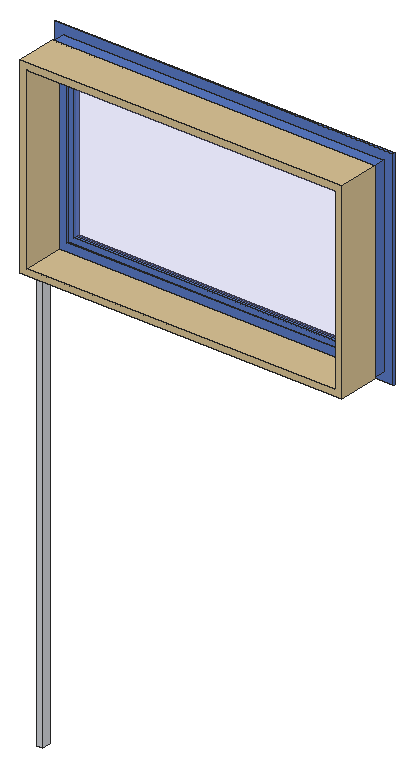
Revit family
Parameters (values of type "1000 x 600")
  WithinWall [instance] = 20 mm
  Structural Gap = 8 mm
  Packer = 25 mm
  Operation = "SinglePanel"
  Location = "Exterior"
  Keynote = "45-23-004"
  Height = 600 mm
  Sill Height = 1300 mm
  Wall Closure = (empty or 0)
  Width = 1000 mm
  Frame Thickness = 19 mm
  Construction Type = "Al Frame Timber Jamb Liner"
  Assembly Code = ""
Types (4, lengths in mm): name | Keynote | Height | Sill Height | Width
  1000 x 800 | "45-23-005" | 800 | 1300 | 1000
  800 x 1200 | "45-23-003" | 1200 | 900 | 800
  1000 x 600 | "45-23-004" | 600 | 1300 | 1000
  800 x 1000 | "45-23-002" | 1010 | 1100 | 810
Reference planes
  plane 1: y = 0
  plane 2 "Center (Left/Right)": x = 0
  plane 3 "Left": x = -500
  plane 4 "Right": x = 500
  plane 5 "Sill": z = 1317.06
  plane 6 "Head": z = 1917.06
  plane 7 "Exterior": y = 75
  plane 8 "Interior": y = -75
  plane 9 "GlassLine": y = 55
  plane 10: y = -90
  plane 11: z = 1767.06
  plane 12 "Packer": x = -525
  plane 13: x = 525
  plane 14: x = -492
  plane 15: x = 492
  plane 16: z = 1909.06
  plane 17: z = 1325.06
Forms (mm)
  Sweep 1, solid, detail levels fine
    path origin (0, 55, 0) x (1, 0, 0) y (0, 0, 1)
      loop
        line (500, 1317.06) -> (500, 1917.06) -> (-500, 1917.06) -> (-500, 1317.06) -> (500, 1317.06)
    profile origin (0, 0, 0) x (0, 0, -1) y (0, -1, 0)
      loop
        line (-1327.06, -75) -> (-1327.06, -35) -> (-1367.06, -35) -> (-1367.06, -39.838) -> (-1337.422, -39.838) -> (-1337.422, -75) -> (-1332.094, -75) -> (-1332.094, -79.773) -> (-1299.38, -79.773) -> (-1299.38, -75) -> (-1327.06, -75)
  Sweep 2, solid, detail levels medium+fine
    path origin (0, 55, 0) x (1, 0, 0) y (0, 0, 1)
      loop
        line (492, 1325.06) -> (492, 1909.06) -> (-492, 1909.06) -> (-492, 1325.06) -> (492, 1325.06)
    profile origin (0, 0, 0) x (0, 0, -1) y (0, -1, 0)
      loop
        line (-1325.06, -35.674) -> (-1325.06, 90) -> (-1344.06, 90) -> (-1344.06, -35.674) -> (-1325.06, -35.674)
  Extrusion 3, solid, detail levels medium+fine
    sketch origin (0, 55, 0) x (1, 0, 0) y (0, 0, 1)
      loop
        line (435.052, 1382.009) -> (435.052, 1852.112) -> (-435.052, 1852.112) -> (-435.052, 1382.009) -> (435.052, 1382.009)
    from 0 to 5
  Sweep 4, solid, detail levels medium+fine
    path origin (0, 55, 0) x (1, 0, 0) y (0, 0, 1)
      loop
        line (475, 1342.06) -> (475, 1892.06) -> (-475, 1892.06) -> (-475, 1342.06) -> (475, 1342.06)
    profile origin (0, 0, 0) x (0, 0, -1) y (0, -1, 0)
      loop
        line (-1342.06, -44.297) -> (-1382.009, -44.297) -> (-1382.009, -61.375) -> (-1363.61, -79.773) -> (-1347.316, -79.773) -> (-1347.316, -84.961) -> (-1312.055, -84.961) -> (-1312.055, -79.773) -> (-1342.06, -79.773) -> (-1342.06, -44.297)
  Extrusion 5, solid
    sketch origin (0, 0, 0) x (1, 0, 0) y (0, 1, 0)
      loop
        line (-492, -27.163) -> (-472.997, -27.163) -> (-472.997, 0) -> (-492, 0) -> (-492, -27.163)
    from 0 to 1317.06
Lines and regions (mm)
  Opening 1
    outline origin (3582.473, -75, 0) x (1, 0, 0) y (0, 0, 1)
      loop
        line (-3082.473, 1317.06) -> (-3082.473, 1917.06) -> (-4082.473, 1917.06) -> (-4082.473, 1317.06) -> (-3082.473, 1317.06)
  symbolic lines, style "Elevation Swing"
    curve 1: line (435.052, 0, 1382.009) -> (0, 0, 1767.06)
    curve 2: line (-435.052, 0, 1382.009) -> (0, 0, 1767.06)
  symbolic lines, style "WindowsFrameMullionProjection", detail levels medium+fine
    curve 3: line (-435.052, 55, 0) -> (435.052, 55, 0)
  symbolic lines, style "Windows", detail levels medium+fine
    curve 4: line (-492, 35.674, 0) -> (492, 35.674, 0)
  symbolic lines, style "WindowsFrameMullionProjection", detail levels coarse
    curve 5: line (-492, 35.674, 0) -> (492, 35.674, 0)
    curve 6: line (-492, -75, 0) -> (-492, 75, 0)
    curve 7: line (492, -75, 0) -> (492, 75, 0)
Text (mm)
  text "EXTERIOR" at (-1344.98, 732.421, 0), in view "Ref. Level"
  text "INTERIOR" at (-1304.713, -547.685, 0), in view "Ref. Level"
  text "Exterior" at (0, 923.751, 2943.296), in view "Right"
  text "Exterior" at (0, 1040.484, 2685.409), in view "Left"
Dimensions and locks
  equal spacing: plane 3 "Left", plane 2 "Center (Left/Right)", plane 4 "Right"
  "Width": plane 3 "Left" to plane 4 "Right"
  "Height": plane 5 "Sill" to plane 6 "Head"
  plane 5 "Sill" to level = 1317.06 mm
  locked: plane 7 "Exterior" to host wall at 0
  locked: plane 8 "Interior" to host wall
  "WithinWall": plane 9 "GlassLine" to plane 7 "Exterior"
  locked: plane 10 to plane 8 "Interior" at 15
  locked: plane 11 to plane 6 "Head" at 150
  "Packer": plane 12 "Packer" to plane 3 "Left"
  "Packer": plane 4 "Right" to plane 13
  "Structural Gap": plane 15 to plane 4 "Right"
  "Structural Gap": plane 3 "Left" to plane 14
  "Structural Gap": plane 16 to plane 6 "Head"
  "Structural Gap": plane 5 "Sill" to plane 17
  "Frame Thickness": Sweep 2 to Sweep 2
  aligned and locked: plane 10 to Sweep 2 sketch curve
  aligned and locked: profile plane to Sweep 4 sketch curve
  aligned and locked: Sweep 1 to Sweep 4 sketch curve  (x2)
  aligned and locked: Extrusion 3 sketch curve to Sweep 4  (x4)
  aligned and locked: curve 2 to Extrusion 3
  aligned and locked: plane 10 to Sweep 2
  aligned and locked: curve 3 to Extrusion 3  (x2)
  aligned and locked: curve 5 to Sweep 2  (x2)
  aligned and locked: curve 4 to Extrusion 5 sketch curve
  aligned and locked: Extrusion 5 to level
  aligned and locked: plane 8 "Interior" to curve 7
  aligned and locked: plane 7 "Exterior" to curve 7
  aligned and locked: plane 15 to Sweep 2 sketch curve
  aligned and locked: Sweep 2 sketch curve to plane 14
  aligned and locked: plane 16 to Sweep 2 sketch curve
  aligned and locked: Sweep 2 sketch curve to plane 17  (x2)
  aligned and locked: Sweep 1 sketch curve to plane 6 "Head"
  aligned and locked: curve 4 to Sweep 2
  aligned and locked: plane 14 to curve 6
  aligned and locked: plane 15 to curve 7
Automatic sketch dimensions
  Opening 1 sketch curve to plane 3 "Left" = 0 mm
  Opening 1 sketch curve to plane 4 "Right" = 0 mm
  Opening 1 sketch curve to plane 5 "Sill" = 0 mm
  Opening 1 sketch curve to plane 6 "Head" = 0 mm
  profile plane to Sweep 2 sketch curve = 19 mm
  plane 9 "GlassLine" to Sweep 2 sketch curve = 19.326 mm
  plane 9 "GlassLine" to Sweep 1 sketch curve = 20 mm
  profile plane to Sweep 1 sketch curve = 50 mm
  profile plane to Sweep 1 sketch curve = 20.362 mm
  Sweep 1 sketch curve to Sweep 1 sketch curve = 5.328 mm
  profile plane to Sweep 1 sketch curve = 10 mm
  Sweep 1 sketch curve to profile plane = 17.681 mm
  Sweep 1 sketch curve to Sweep 1 sketch curve = 4.838 mm
  Sweep 1 sketch curve to plane 9 "GlassLine" = 20 mm
  Sweep 1 sketch curve to Sweep 1 sketch curve = 0 mm
  Sweep 1 sketch curve to Sweep 1 sketch curve = 4.773 mm
  Sweep 4 sketch curve to plane 3 "Left" = 25 mm
  plane 4 "Right" to Sweep 4 sketch curve = 25 mm
  Sweep 4 sketch curve to plane 5 "Sill" = 25 mm
  plane 6 "Head" to Sweep 4 sketch curve = 25 mm
  profile plane to Sweep 4 sketch curve = 5.256 mm
  Sweep 4 sketch curve to Sweep 4 sketch curve = 16.294 mm
  Sweep 4 sketch curve to plane 9 "GlassLine" = 6.375 mm
  Sweep 4 sketch curve to Sweep 4 sketch curve = 18.399 mm
  Sweep 4 sketch curve to Sweep 4 sketch curve = 5.188 mm
  plane 9 "GlassLine" to Sweep 4 sketch curve = 10.703 mm
  Sweep 4 sketch curve to profile plane = 30.005 mm
  curve 1 to plane 2 "Center (Left/Right)" = 0 mm
  curve 2 to plane 11 = 0 mm
  curve 2 to plane 5 "Sill" = 64.948 mm
  curve 1 to plane 5 "Sill" = 64.948 mm
  plane 4 "Right" to curve 1 = 64.948 mm
  Extrusion 5 sketch curve to host wall = 0 mm
  Extrusion 5 sketch curve to Extrusion 5 sketch curve = 19.003 mm
  host wall to Extrusion 5 sketch curve = 27.163 mm
  curve 6 to host wall = 0 mm  (x2)
  curve 7 to host wall = 0 mm  (x2)
  Sweep 1 sketch curve to plane 3 "Left" = 0 mm
  Sweep 1 sketch curve to plane 4 "Right" = 0 mm
  Sweep 1 sketch curve to plane 5 "Sill" = 0 mm
  curve 4 to plane 14 = 0 mm
  curve 5 to plane 15 = 0 mm
  curve 4 to plane 15 = 0 mm
  curve 3 to plane 15 = 56.948 mm
